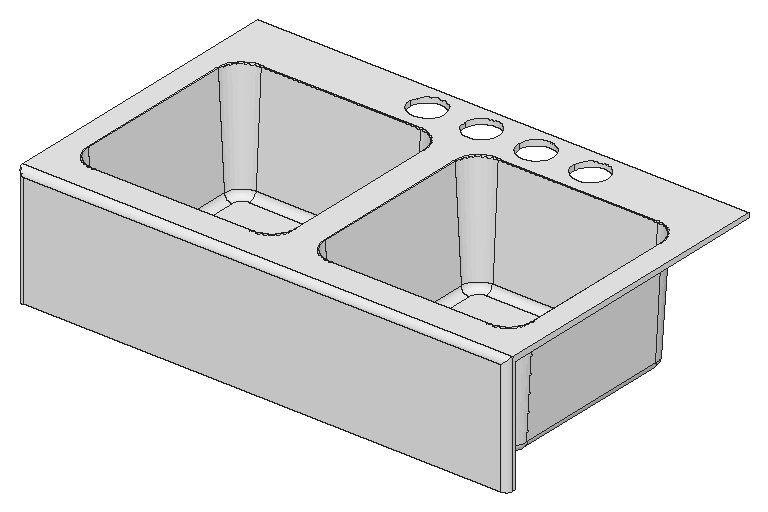
Revit family "Double_Sink-American_Standard-Delancey-77DB36220A.308", category Plumbing Fixtures, Revit 2014
Parameters (values of type "77DB36220A.308")
  Width = 36"  # constant formula
  Waste Connection Width = 7 5/8"
  Waste Connection Radius = Waste Connection Diameter / 2  # 3/4"
  Waste Connection Offset = 11 13/16"  # constant formula
  Waste Connection Diameter = 1 1/2"
  Waste Connection = 1 < 2  # yes
  Warranty Information = "Limited Lifetime Warranty"
  WFU = 4  # constant formula
  Vent Connection = no
  Undermount Installation = no
  URL = "https://www.americanstandard-us.com/"
  Type Comments = "Minimum 39\" (991mm) cabinet required"
  Topmount Installation = not(Undermount Installation)  # yes
  Sink Offset [instance] = 2"
  Product Page URL = ""
  Product Documentation Link = ""
  Price = "Prices may vary. Please consult Manufacturer Representative for most up-to-date price list."  # constant formula
  Mounting Height [instance] = if(Topmount Installation, Counter Thickness + 1/16", 0")  # 1 1/16"
  Model = "77DB36220A.308"
  Material = "Cast Iron-American Standard-308-Brilliant White"
  Manufacturer = "American Standard"  # constant formula
  Length = 22 1/16"  # constant formula
  Installation Type = "Dual Mount"  # constant formula
  Hot Water Connection Width = 4"
  Hot Water Connection Radius = Hot Water Connection Diameter / 2  # 1/4"
  Hot Water Connection Diameter = 1/2"
  Height = 8 5/8"  # constant formula
  HWFU = 3  # constant formula
  HW Connection = 1 < 2  # yes
  Gap = 32 9/16"  # constant formula
  Finish = Cast Iron-American Standard-308-Brilliant White
  Description = "Delancey Double Bowl Apron Front Kitchen Sink"  # constant formula
  Default Elevation = 34"  # constant formula
  Creation Date = "02/07/2019"  # constant formula
  Counter Thickness [instance] = 1"
  Cold Water Connection Width = 4"
  Cold Water Connection Radius = 1/4"
  Cold Water Connection Diameter = Cold Water Connection Radius * 2  # 1/2"
  CWFU = 3  # constant formula
  CW Connection = 1 < 2  # yes
  Bowl Width = 15 3/16"  # constant formula
  Bowl Length = 15 3/8"  # constant formula
  Basin Shape = "Rectangular"  # constant formula
  Assembly Code = "D2010410"
  Apron Height = 8 13/16"  # constant formula
  ADA Compliant = yes
Reference planes (in)
  plane 1 "Center (Front/Back)": y = 0
  plane 2: z = 0
  plane 3 "Center (Left/Right)": x = 0
  plane 4: x = -18
  plane 5: x = 18
  plane 6: y = -2
  plane 7: y = -24.0625
  plane 8: z = -1
  plane 9: z = -8.5625
  plane 10: z = 0.0625
  plane 11: y = -3.9375
  plane 12: y = -6.05469
  plane 13: y = -21.42969
  plane 14: x = -8.65625
  plane 15: x = 8.65625
  plane 16: x = -16.28125
  plane 17: x = 16.28125
  plane 18: x = -1.09375
  plane 19: x = 1.09375
  plane 20: y = -13.8125
  plane 21: z = -11.0625
  plane 22: z = -12.5625
  plane 23: x = -4
  plane 24: x = 4
  plane 25: z = -8.75
  plane 26: y = -23.4375
  plane 27: z = -0.3125
  plane 28: x = -4
  plane 29: x = 4
  plane 30: x = 8
Forms (in)
  Sweep 1, solid, material "Cast Iron-American Standard-308-Brilliant White" <- "Finish"
    path origin (0, 0, 0) x (1, 0, 0) y (0, 1, 0)
      loop
        arc (-14.53125, -6.05469) -> (-15.76869, -6.56725) -> (-16.28125, -7.80469) r 1.75
        line (-16.28125, -7.80469) -> (-16.28125, -19.67969)
        arc (-16.28125, -19.67969) -> (-15.76869, -20.91712) -> (-14.53125, -21.42969) r 1.75
        line (-14.53125, -21.42969) -> (-2.84375, -21.42969)
        arc (-2.84375, -21.42969) -> (-1.60631, -20.91712) -> (-1.09375, -19.67969) r 1.75
        line (-1.09375, -19.67969) -> (-1.09375, -7.80469)
        arc (-1.09375, -7.80469) -> (-1.60631, -6.56725) -> (-2.84375, -6.05469) r 1.75
        line (-2.84375, -6.05469) -> (-14.53125, -6.05469)
    profile origin (-16.28125, -13.74219, 0) x (-1, 0, 0) y (0, 0, 1)
      loop
        arc (0.04139, 0.0625) -> (0.0113, 0.05054) -> (-0.00237, 0.02117) r 0.04383
        line (-0.00237, 0.02117) -> (-0.45994, -7.97268)
        arc (-0.45994, -7.97268) -> (-0.63414, -8.34698) -> (-1.01779, -8.49951) r 0.55876
        line (-1.01779, -8.49951) -> (-1.11196, -8.49951) -> (-1.11196, -8.5625) -> (-0.99644, -8.5625)
        arc (-0.99644, -8.5625) -> (-0.58282, -8.39806) -> (-0.39501, -7.99452) r 0.60241
        line (-0.39501, -7.99452) -> (0.04471, -0.3125) -> (0.19685, -0.3125) -> (0.19685, 0.0625) -> (0.04139, 0.0625)
  Extrusion 2, solid, not visible
    sketch origin (0, 0, 0) x (1, 0, 0) y (0, 0, 1)
      loop
        circle (-4, -11.0625) r 0.25
      loop
        circle (4, -11.0625) r 0.25
      loop
        circle (0, -12.5625) r 0.75
    from 0 to 0.0625
  Extrusion 3, solid, material "Cast Iron-American Standard-308-Brilliant White" <- "Finish"
    sketch origin (0, 0, 0) x (0, 1, 0) y (0, 0, 1)
      loop
        line (-2, 0.0625) -> (-23.5625, 0.0625)
        arc (-23.5625, 0.0625) -> (-23.91605, -0.08395) -> (-24.0625, -0.4375) r 0.5
        line (-24.0625, -0.4375) -> (-24.0625, -8.75) -> (-23.4375, -8.75) -> (-23.4375, -0.3125) -> (-2, -0.3125) -> (-2, 0.0625)
    from -18 to 18
  Extrusion 4, void
    sketch origin (0, 0, 0) x (1, 0, 0) y (0, 1, 0)
      loop
        arc (-14.53125, -5.85784) -> (-15.90788, -6.42806) -> (-16.4781, -7.80469) r 1.94685
        line (-16.4781, -7.80469) -> (-16.4781, -19.67969)
        arc (-16.4781, -19.67969) -> (-15.90788, -21.05632) -> (-14.53125, -21.62654) r 1.94685
        line (-14.53125, -21.62654) -> (-2.84375, -21.62654)
        arc (-2.84375, -21.62654) -> (-1.46712, -21.05632) -> (-0.8969, -19.67969) r 1.94685
        line (-0.8969, -19.67969) -> (-0.8969, -7.80469)
        arc (-0.8969, -7.80469) -> (-1.46712, -6.42806) -> (-2.84375, -5.85784) r 1.94685
        line (-2.84375, -5.85784) -> (-14.53125, -5.85784)
      loop
        arc (2.84375, -5.85784) -> (1.46712, -6.42806) -> (0.8969, -7.80469) r 1.94685
        line (0.8969, -7.80469) -> (0.8969, -19.67969)
        arc (0.8969, -19.67969) -> (1.46712, -21.05632) -> (2.84375, -21.62654) r 1.94685
        line (2.84375, -21.62654) -> (14.53125, -21.62654)
        arc (14.53125, -21.62654) -> (15.90788, -21.05632) -> (16.4781, -19.67969) r 1.94685
        line (16.4781, -19.67969) -> (16.4781, -7.80469)
        arc (16.4781, -7.80469) -> (15.90788, -6.42806) -> (14.53125, -5.85784) r 1.94685
        line (14.53125, -5.85784) -> (2.84375, -5.85784)
      loop
        circle (-4, -3.9375) r 1.28125
      loop
        circle (4, -3.9375) r 1.28125
      loop
        circle (0, -3.9375) r 1.28125
      loop
        circle (8, -3.9375) r 1.28125
    from -0.3125 to 0.0625
  Sweep 5, solid, material "Cast Iron-American Standard-308-Brilliant White" <- "Finish"
    path origin (0, 0, 0) x (-1, 0, 0) y (0, 1, 0)
      loop
        arc (-14.53125, -6.05469) -> (-15.76869, -6.56725) -> (-16.28125, -7.80469) r 1.75
        line (-16.28125, -7.80469) -> (-16.28125, -19.67969)
        arc (-16.28125, -19.67969) -> (-15.76869, -20.91712) -> (-14.53125, -21.42969) r 1.75
        line (-14.53125, -21.42969) -> (-2.84375, -21.42969)
        arc (-2.84375, -21.42969) -> (-1.60631, -20.91712) -> (-1.09375, -19.67969) r 1.75
        line (-1.09375, -19.67969) -> (-1.09375, -7.80469)
        arc (-1.09375, -7.80469) -> (-1.60631, -6.56725) -> (-2.84375, -6.05469) r 1.75
        line (-2.84375, -6.05469) -> (-14.53125, -6.05469)
    profile origin (16.28125, -13.74219, 0) x (-1, 0, 0) y (0, 0, 1)
      loop
        line (-0.04139, 0.0625) -> (-0.19685, 0.0625) -> (-0.19685, -0.3125) -> (-0.04471, -0.3125) -> (0.39501, -7.99452)
        arc (0.39501, -7.99452) -> (0.58282, -8.39806) -> (0.99644, -8.5625) r 0.60241
        line (0.99644, -8.5625) -> (1.11196, -8.5625) -> (1.11196, -8.49951) -> (1.01779, -8.49951)
        arc (1.01779, -8.49951) -> (0.63414, -8.34698) -> (0.45994, -7.97268) r 0.55876
        line (0.45994, -7.97268) -> (0.00237, 0.02117)
        arc (0.00237, 0.02117) -> (-0.0113, 0.05054) -> (-0.04139, 0.0625) r 0.04383
  Extrusion 6, solid, material "Cast Iron-American Standard-308-Brilliant White" <- "Finish"
    sketch origin (0, 0, 0) x (1, 0, 0) y (0, 1, 0)
      loop
        arc (-14.53125, -7.16665) -> (-14.98241, -7.35352) -> (-15.16929, -7.80469) r 0.63804
        line (-15.16929, -7.80469) -> (-15.16929, -19.67969)
        arc (-15.16929, -19.67969) -> (-14.98241, -20.13085) -> (-14.53125, -20.31773) r 0.63804
        line (-14.53125, -20.31773) -> (-2.84375, -20.31773)
        arc (-2.84375, -20.31773) -> (-2.39259, -20.13085) -> (-2.20571, -19.67969) r 0.63804
        line (-2.20571, -19.67969) -> (-2.20571, -7.80469)
        arc (-2.20571, -7.80469) -> (-2.39259, -7.35352) -> (-2.84375, -7.16665) r 0.63804
        line (-2.84375, -7.16665) -> (-14.53125, -7.16665)
      loop
        arc (2.84375, -7.16665) -> (2.39259, -7.35352) -> (2.20571, -7.80469) r 0.63804
        line (2.20571, -7.80469) -> (2.20571, -19.67969)
        arc (2.20571, -19.67969) -> (2.39259, -20.13085) -> (2.84375, -20.31773) r 0.63804
        line (2.84375, -20.31773) -> (14.53125, -20.31773)
        arc (14.53125, -20.31773) -> (14.98241, -20.13085) -> (15.16929, -19.67969) r 0.63804
        line (15.16929, -19.67969) -> (15.16929, -7.80469)
        arc (15.16929, -7.80469) -> (14.98241, -7.35352) -> (14.53125, -7.16665) r 0.63804
        line (14.53125, -7.16665) -> (2.84375, -7.16665)
      loop
        circle (-8.65625, -13.8125) r 1.78125
      loop
        circle (8.65625, -13.8125) r 1.78125
    from -8.5625 to -8.49951
  Extrusion 7, void
    sketch origin (0, 0, 0) x (1, 0, 0) y (0, 1, 0)
      loop
        arc (-14.61131, -6.05469) -> (-15.79214, -6.5438) -> (-16.28125, -7.72463) r 1.66994
        line (-16.28125, -7.72463) -> (-16.28125, -19.75781)
        arc (-16.28125, -19.75781) -> (-15.79157, -20.94001) -> (-14.60937, -21.42969) r 1.67188
        line (-14.60937, -21.42969) -> (14.60938, -21.42969)
        arc (14.60938, -21.42969) -> (15.79157, -20.94001) -> (16.28125, -19.75781) r 1.67188
        line (16.28125, -19.75781) -> (16.28125, -7.72656)
        arc (16.28125, -7.72656) -> (15.79157, -6.54437) -> (14.60938, -6.05469) r 1.67188
        line (14.60938, -6.05469) -> (-14.61131, -6.05469)
    from -8.5625 to 0.96576
  Extrusion 8, void
    sketch origin (0, 0, 0) x (1, 0, 0) y (0, 1, 0)
      loop
        line (-18, -23.5877) -> (-18, -24.0625) -> (-17.5252, -24.0625)
        arc (-17.5252, -24.0625) -> (-17.86093, -23.92343) -> (-18, -23.5877) r 0.4748
      loop
        arc (18, -23.5877) -> (17.86093, -23.92343) -> (17.5252, -24.0625) r 0.4748
        line (17.5252, -24.0625) -> (18, -24.0625) -> (18, -23.5877)
    from -8.75 to 0.0625
Cuts and joins
  Extrusion 4, Extrusion 8 cuts Extrusion 3
  joined: Sweep 1, Extrusion 3, Sweep 5, Extrusion 6
Lines and regions (in)
  Masking region 1
    outline origin (0, 0, 0) x (1, 0, 0) y (0, 1, 0)
      loop
        line (18, -2) -> (-18, -2) -> (-18, -23.5877)
        arc (-18, -23.5877) -> (-17.86093, -23.92343) -> (-17.5252, -24.0625) r 0.4748
        line (-17.5252, -24.0625) -> (17.5252, -24.0625)
        arc (17.5252, -24.0625) -> (17.86093, -23.92343) -> (18, -23.5877) r 0.4748
        line (18, -23.5877) -> (18, -2)
  symbolic lines, detail levels fine
    curve 1: circle (-8.65625, -13.8125, 0) r 1.78125 normal (0, 0, 1)
    curve 2: circle (8.65625, -13.8125, 0) r 1.78125 normal (0, 0, 1)
    curve 3: circle (-4, -3.9375, 0) r 1.28125 normal (0, 0, 1)
    curve 4: circle (0, -3.9375, 0) r 1.28125 normal (0, 0, 1)
    curve 5: circle (4, -3.9375, 0) r 1.28125 normal (0, 0, 1)
    curve 6: circle (8, -3.9375, 0) r 1.28125 normal (0, 0, 1)
  symbolic lines, detail levels medium+fine
    curve 7: line (-2.84375, -6.00997, 0) -> (-14.53125, -6.00997, 0)
    curve 8: line (-16.28125, -7.72463, 0) -> (-16.28125, -19.75781, 0)
    curve 9: line (-1.04904, -19.67969, 0) -> (-1.04904, -7.80469, 0)
    curve 10: line (-14.53125, -21.4744, 0) -> (-2.84375, -21.4744, 0)
    curve 11: arc (-14.61131, -6.05469, 0) -> (-15.79214, -6.5438, 0) -> (-16.28125, -7.72463, 0) r 1.66994
    curve 12: arc (-1.04904, -7.80469, 0) -> (-1.5747, -6.53563, 0) -> (-2.84375, -6.00997, 0) r 1.79471
    curve 13: arc (-2.84375, -21.4744, 0) -> (-1.5747, -20.94874, 0) -> (-1.04904, -19.67969, 0) r 1.79471
    curve 14: arc (-16.28125, -19.75781, 0) -> (-15.79157, -20.94001, 0) -> (-14.60937, -21.42969, 0) r 1.67188
    curve 15: line (14.53125, -6.00997, 0) -> (2.84375, -6.00997, 0)
    curve 16: line (1.04904, -7.80469, 0) -> (1.04904, -19.67969, 0)
    curve 17: line (16.28125, -19.75781, 0) -> (16.28125, -7.72656, 0)
    curve 18: line (2.84375, -21.4744, 0) -> (14.53125, -21.4744, 0)
    curve 19: arc (2.84375, -6.00997, 0) -> (1.5747, -6.53563, 0) -> (1.04904, -7.80469, 0) r 1.79471
    curve 20: arc (16.28125, -7.72656, 0) -> (15.79157, -6.54437, 0) -> (14.60938, -6.05469, 0) r 1.67188
    curve 21: arc (14.60938, -21.42969, 0) -> (15.79157, -20.94001, 0) -> (16.28125, -19.75781, 0) r 1.67188
    curve 22: arc (1.04904, -19.67969, 0) -> (1.5747, -20.94874, 0) -> (2.84375, -21.4744, 0) r 1.79471
Dimensions and locks (in)
  equal spacing: plane 4, plane 3 "Center (Left/Right)", plane 5
  "Sink Offset": plane 1 "Center (Front/Back)" to plane 6
  "Length": plane 6 to plane 7
  "Width": plane 4 to plane 5
  "Counter Thickness": level to plane 8
  "Mounting Height": plane 10 to plane 8
  "Height": plane 10 to plane 9
  locked: plane 11 to plane 6 at 1.9375
  "Bowl Length": plane 13 to plane 12
  "Bowl Width": plane 16 to plane 18
  "Bowl Width": plane 19 to plane 17
  "Waste Connection Offset": plane 6 to plane 20
  locked: Sweep 1 sketch curve to plane 9 at 0.06299
  locked: level to plane 21 at 11.0625
  locked: level to plane 22 at 12.5625
  "Hot Water Connection Width": plane 23 to plane 3 "Center (Left/Right)"
  "Cold Water Connection Width": plane 24 to plane 3 "Center (Left/Right)"
  equal spacing: plane 16, plane 3 "Center (Left/Right)", plane 17
  "Gap": plane 16 to plane 17
  "Waste Connection Width": plane 16 to plane 14
  "Waste Connection Width": plane 15 to plane 17
  locked: plane 12 to plane 6 at 4.05469
  "Apron Height": plane 10 to plane 25
  locked: plane 26 to plane 7 at 0.625
  locked: plane 27 to plane 10 at 0.375
  locked: plane 16 to Sweep 1 sketch curve at 0.00237
  locked: Sweep 1 sketch curve to plane 16 at 0.04471
  locked: Sweep 1 sketch curve to plane 16 at 0.19685
  locked: Sweep 5 sketch curve to plane 9 at 0.06299
  locked: plane 17 to Sweep 5 sketch curve at 0.00237
  locked: Sweep 5 sketch curve to plane 17 at 0.19685
  locked: Sweep 5 sketch curve to plane 17 at 0.04471
  locked: plane 17 to Sweep 5 sketch curve at 0.39501
  locked: plane 17 to Sweep 5 sketch curve at 0.45994
  locked: plane 16 to Sweep 1 sketch curve at 0.39501
  locked: plane 16 to Sweep 1 sketch curve at 0.45994
  equal spacing: plane 28, plane 3 "Center (Left/Right)", plane 29, plane 30
  locked: plane 28 to plane 30 at 12
  locked: Extrusion 8 sketch curve to plane 7 at 0.4748  (x2)
  locked: plane 4 to Extrusion 8 sketch curve at 0.4748
  locked: Extrusion 8 sketch curve to plane 5 at 0.4748
  locked: Extrusion 7 to level at 0.96576
  "Hot Water Connection Diameter": diameter of Extrusion 2 sketch curve
  "Cold Water Connection Diameter": diameter of Extrusion 2 sketch curve
  "Waste Connection Diameter": diameter of Extrusion 2 sketch curve
  radius of Extrusion 3 sketch curve = 1/2"
  radius of Sweep 1 sketch curve = 1 3/4"  (x4)
  radius of Sweep 1 sketch curve = 0.04383"
  radius of Sweep 1 sketch curve = 0.55876"
  radius of Sweep 1 sketch curve = 0.60241"
  radius of Sweep 5 sketch curve = 1 3/4"  (x4)
  radius of Sweep 5 sketch curve = 0.04383"
  radius of Sweep 5 sketch curve = 0.55876"
  radius of Sweep 5 sketch curve = 0.60241"
  diameter of Extrusion 6 sketch curve = 3 9/16"  (x2)
  diameter of Extrusion 4 sketch curve = 2 9/16"  (x4)
  radius of Extrusion 7 sketch curve = 1.66994"
  radius of Extrusion 7 sketch curve = 1 43/64"  (x3)
  radius of Extrusion 8 sketch curve = 0.4748"  (x2)
  aligned and locked: plane 12 to Sweep 1 sketch curve
  aligned and locked: Sweep 1 sketch curve to plane 16
  aligned and locked: Sweep 1 sketch curve to plane 13
  aligned and locked: Sweep 1 sketch curve to plane 18
  aligned and locked: plane 9 to Sweep 1 sketch curve
  aligned and locked: plane 21 to Extrusion 2 sketch curve  (x2)
  aligned and locked: plane 24 to Extrusion 2 sketch curve
  aligned and locked: plane 23 to Extrusion 2 sketch curve
  aligned and locked: plane 22 to Extrusion 2 sketch curve
  aligned and locked: plane 3 "Center (Left/Right)" to Extrusion 2 sketch curve
  aligned and locked: Extrusion 3 sketch curve to plane 10
  aligned and locked: plane 26 to Extrusion 3 sketch curve
  aligned and locked: Extrusion 3 sketch curve to plane 7
  aligned and locked: plane 6 to Extrusion 3 sketch curve
  aligned and locked: plane 27 to Extrusion 3 sketch curve
  aligned and locked: plane 7 to Extrusion 3 sketch curve
  aligned and locked: Extrusion 3 to plane 5
  aligned and locked: Extrusion 3 to plane 4
  aligned and locked: Extrusion 3 sketch curve to plane 25
  aligned and locked: plane 27 to Sweep 1 sketch curve
  aligned and locked: Sweep 1 sketch curve to plane 10
  aligned and locked: Extrusion 4 sketch curve to Sweep 1  (x4)
  aligned and locked: Sweep 5 sketch curve to plane 12
  aligned and locked: plane 19 to Sweep 5 sketch curve
  aligned and locked: plane 13 to Sweep 5 sketch curve
  aligned and locked: plane 17 to Sweep 5 sketch curve
  aligned and locked: Sweep 5 sketch curve to plane 9
  aligned and locked: Sweep 5 sketch curve to plane 27
  aligned and locked: plane 10 to Sweep 5 sketch curve
  aligned and locked: Extrusion 4 sketch curve to Sweep 5  (x4)
  aligned and locked: Extrusion 6 sketch curve to Sweep 1  (x4)
  aligned and locked: Extrusion 6 sketch curve to Sweep 5  (x4)
  aligned and locked: plane 14 to Extrusion 6 sketch curve
  aligned and locked: plane 15 to Extrusion 6 sketch curve
  aligned and locked: plane 20 to Extrusion 6 sketch curve  (x2)
  aligned and locked: Extrusion 6 to Sweep 5  (x2)
  aligned and locked: plane 28 to Extrusion 4 sketch curve
  aligned and locked: plane 3 "Center (Left/Right)" to Extrusion 4 sketch curve
  aligned and locked: plane 29 to Extrusion 4 sketch curve
  aligned and locked: plane 30 to Extrusion 4 sketch curve
  aligned and locked: plane 11 to Extrusion 4 sketch curve  (x4)
  aligned and locked: Extrusion 4 to plane 10
  aligned and locked: Extrusion 4 to Sweep 1
  aligned and locked: plane 12 to Extrusion 7 sketch curve
  aligned and locked: Extrusion 7 sketch curve to plane 16
  aligned and locked: Extrusion 7 sketch curve to plane 13
  aligned and locked: Extrusion 7 sketch curve to plane 17
  aligned and locked: plane 9 to Extrusion 7
  aligned and locked: Extrusion 8 sketch curve to plane 4
  aligned and locked: Extrusion 8 sketch curve to plane 7
  aligned and locked: plane 5 to Extrusion 8 sketch curve
  aligned and locked: plane 7 to Extrusion 8 sketch curve
  aligned and locked: Extrusion 8 to plane 25
  aligned and locked: Extrusion 8 to plane 10
  aligned and locked: Masking region 1 sketch curve to cut or joined group of Sweep 1, Extrusion 3, Extrusion 4, Sweep 5, Extrusion 6, Extrusion 8  (x4)
  aligned and locked: curve 3 to cut or joined group of Sweep 1, Extrusion 3, Extrusion 4, Sweep 5, Extrusion 6, Extrusion 8
  aligned and locked: curve 4 to cut or joined group of Sweep 1, Extrusion 3, Extrusion 4, Sweep 5, Extrusion 6, Extrusion 8
  aligned and locked: curve 5 to cut or joined group of Sweep 1, Extrusion 3, Extrusion 4, Sweep 5, Extrusion 6, Extrusion 8
  aligned and locked: curve 6 to cut or joined group of Sweep 1, Extrusion 3, Extrusion 4, Sweep 5, Extrusion 6, Extrusion 8
  aligned and locked: curve 1 to cut or joined group of Sweep 1, Extrusion 3, Extrusion 4, Sweep 5, Extrusion 6, Extrusion 8
  aligned and locked: curve 2 to cut or joined group of Sweep 1, Extrusion 3, Extrusion 4, Sweep 5, Extrusion 6, Extrusion 8
  aligned and locked: curve 10 to cut or joined group of Sweep 1, Extrusion 3, Extrusion 4, Sweep 5, Extrusion 6, Extrusion 8
  aligned and locked: curve 11 to Extrusion 7
  aligned and locked: curve 12 to cut or joined group of Sweep 1, Extrusion 3, Extrusion 4, Sweep 5, Extrusion 6, Extrusion 8
  aligned and locked: curve 13 to cut or joined group of Sweep 1, Extrusion 3, Extrusion 4, Sweep 5, Extrusion 6, Extrusion 8
  aligned and locked: curve 14 to Extrusion 7
  aligned and locked: curve 15 to cut or joined group of Sweep 1, Extrusion 3, Extrusion 4, Sweep 5, Extrusion 6, Extrusion 8
  aligned and locked: curve 19 to cut or joined group of Sweep 1, Extrusion 3, Extrusion 4, Sweep 5, Extrusion 6, Extrusion 8
  aligned and locked: curve 20 to Extrusion 7
  aligned and locked: curve 21 to Extrusion 7
  aligned and locked: curve 22 to cut or joined group of Sweep 1, Extrusion 3, Extrusion 4, Sweep 5, Extrusion 6, Extrusion 8
Automatic sketch dimensions
  Sweep 1 sketch curve to Sweep 1 sketch curve = 0.5365"
  Sweep 1 sketch curve to Sweep 1 sketch curve = 0.02135"
  Sweep 1 sketch curve to Sweep 1 sketch curve = 0.09417"
  Sweep 1 sketch curve to profile plane = 0.04139"
  profile plane to Sweep 5 sketch curve = 0.04139"
  Sweep 5 sketch curve to Sweep 5 sketch curve = 0.5365"
  Sweep 5 sketch curve to Sweep 5 sketch curve = 0.02135"
  Sweep 5 sketch curve to Sweep 5 sketch curve = 0.09417"
  Extrusion 7 sketch curve to plane 17 = 0"
  Extrusion 8 sketch curve to Extrusion 8 sketch curve = 0"  (x4)
  curve 7 to plane 16 = 1 3/4"
  curve 10 to plane 16 = 1 3/4"
  curve 15 to plane 17 = 1 3/4"
  curve 18 to plane 17 = 1 3/4"
Connectors (in)
  piping at (-4, 0, -11.0625), diameter 0.5, driven by "HWFU", driven by "Hot Water Connection Diameter"
    settings: on Extrusion 2, index 1, connector inside diameter 24", connector length 0", flow factor 0, pipe flow 0 GPM, pressure drop 0.00 psi, fitting loss kfactor 0, connector angle 0.00°, fixture units 3, engagement length 0", angle of deflection 0.00°, flow configuration 3, flow direction 1, fitting loss method 0, system type 19, joint type 0, gender type 0, connector reference index -1, connector utility 0, adjustable connector no, is connector primary yes, connector description "1/2\" HW Inlet"
  piping at (0, 0, -12.5625), diameter 1.5, driven by "WFU", driven by "Waste Connection Diameter"
    settings: on Extrusion 2, index 2, connector inside diameter 24", connector length 0", flow factor 0, pipe flow 0 GPM, pressure drop 0.00 psi, fitting loss kfactor 0, connector angle 0.00°, fixture units 4, engagement length 0", angle of deflection 0.00°, flow configuration 3, flow direction 2, fitting loss method 0, system type 16, joint type 0, gender type 0, connector reference index -1, connector utility 0, adjustable connector yes, is connector primary no, connector description "1-1/2\" Waste Outlet"
  piping at (4, 0, -11.0625), diameter 0.5, driven by "CWFU", driven by "Cold Water Connection Diameter"
    settings: on Extrusion 2, index 3, connector inside diameter 24", connector length 0", flow factor 0, pipe flow 0 GPM, pressure drop 0.00 psi, fitting loss kfactor 0, connector angle 0.00°, fixture units 3, engagement length 0", angle of deflection 0.00°, flow configuration 3, flow direction 1, fitting loss method 0, system type 20, joint type 0, gender type 0, connector reference index -1, connector utility 0, adjustable connector no, is connector primary no, connector description "1/2\" CW Inlet"
